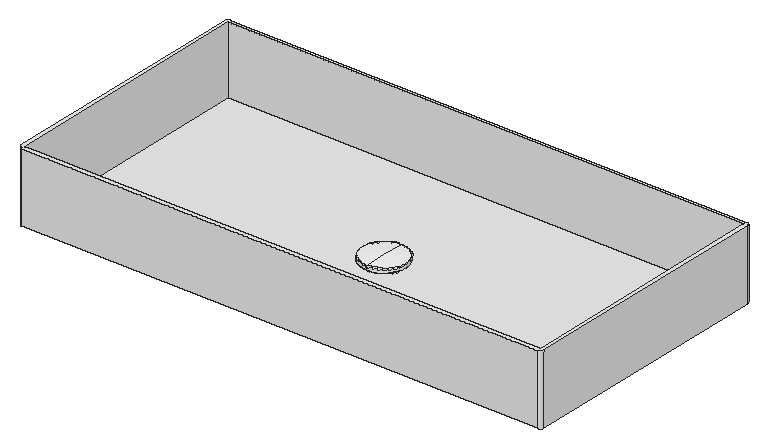
Revit family "Reece_Basin_Alape_Metaphor_Above Counter Basin", category Plumbing Fixtures, host Face, Revit 2018
Family settings
  Host = Face
  Round Connector Dimension = Use Diameter
  Part Type = Normal
  Cut with Voids When Loaded = No
  Shared = Yes
  Room Calculation Point = Yes
Parameters (values of type "750mm_White")
  WFU = 0  # constant formula
  URL = "https://www.reece.com.au/product/-9502507"
  Type Comments = "Basin"
  Reece_Product_Web Page = "https://www.reece.com.au/product/-9502507"
  Reece_Product_Type = "Basin"  # constant formula
  Reece_Product_Sub Brand = "Metaphor"  # constant formula
  Reece_Product_Number = "9502507"
  Reece_Product_Mount = "Above Counter"
  Reece_Product_Description = "Alape Metaphor Counter Basin 750mm White"
  Reece_Product_Brand = "Alape"  # constant formula
  Reece_Overall_Width = 750 mm
  Reece_Overall_Length = 375 mm
  Reece_Overall_Height = 110 mm  # constant formula
  Reece_Overall_Capacity = 26.00 L
  Reece_Material_Secondary = Reece_Brass_Chrome
  Reece_Material-Main = Reece_Acrylic_White
  Reece_Detail_Installation = "Above Counter Basin"  # constant formula
  Reece_Detail_Disclaimer = "THIS FILE IS THE PROPERTY OF THE REECE GROUP. IT MAY NOT BE REPRODUCED, REVERSE-ENGINEERED OR MODIFIED. ANY REPUBLICATION, TRANSMISSION OR DISTRIBUTION FOR THE PURPOSE OF COMMERCIALLY EXPLOITING THE FILES IS PROHIBITED."  # constant formula
  Reece_Detail_Connector = " No Taphole"  # constant formula
  Reece_Detail_Additional = " No Overflow"  # constant formula
  Reece_Basin_Supply Diameter 1 = 35 mm  # constant formula
  Reece_Basin_Outlet = 40 mm  # constant formula
  Model = "Metaphor"
  Manufacturer = "Alape"
  Keynote = "Product #9502507, Reece_Basin_Alape_Metaphor_Above Counter Basin - 750mm_White"
  HWFU = 0  # constant formula
  Disclaimer = "THIS FILE IS THE PROPERTY OF THE REECE GROUP. IT MAY NOT BE REPRODUCED, REVERSE-ENGINEERED OR MODIFIED. ANY REPUBLICATION, TRANSMISSION OR DISTRIBUTION FOR THE PURPOSE OF COMMERCIALLY EXPLOITING THE FILES IS PROHIBITED."  # constant formula
  Description = "Alape Metaphor Counter Basin 750mm White"
  Default Elevation = 1000 mm
  CWFU = 0  # constant formula
  CW Connection = yes
Types (4, lengths in mm): name | URL | Reece_Product_Web Page | Reece_Product_Number | Reece_Product_Description | Reece_Overall_Width | Reece_Overall_Capacity | Keynote | Description
  (no name) | "https://www.reece.com.au/product/-9502507" | "https://www.reece.com.au/product/-9502507" | "9502507" | "Alape Metaphor Counter Basin 750mm White" | 750 | 26.00 L | "Product #9502507, Reece_Basin_Alape_Metaphor_Above Counter Basin -  " | "Alape Metaphor Counter Basin 750mm White"
  500mm_White | "https://www.reece.com.au/product/-9502483" | "https://www.reece.com.au/product/-9502483" | "9502483" | "Alape Metaphor Counter Basin 500mm White" | 500 | 17.00 L | "Product #9502483, Reece_Basin_Alape_Metaphor_Above Counter Basin - 500mm_White" | "Alape Metaphor Counter Basin 500mm White"
  750mm_White | "https://www.reece.com.au/product/-9502507" | "https://www.reece.com.au/product/-9502507" | "9502507" | "Alape Metaphor Counter Basin 750mm White" | 750 | 26.00 L | "Product #9502507, Reece_Basin_Alape_Metaphor_Above Counter Basin - 750mm_White" | "Alape Metaphor Counter Basin 750mm White"
  1000mm_White | "https://www.reece.com.au/product/-9502688" | "https://www.reece.com.au/product/-9502688" | "9502688" | "Alape Metaphor Counter Basin 1000mm White" | 1000 | 35.00 L | "Product #9502688, Reece_Basin_Alape_Metaphor_Above Counter Basin - 1000mm_White" | "Alape Metaphor Counter Basin 1000mm White"
Reference planes
  plane 1 "Center (Front/Back)": y = -79.125
  plane 2 "Bottom": z = 0
  plane 3 "Center (Left/Right)": x = 0
  plane 4: y = 108.375
  plane 5: x = 375
  plane 6: x = -375
  plane 7: y = -266.625
  plane 8: x = 0
  plane 9: z = 110
  plane 10: z = 10.032
  plane 11 "a": z = 13.032
  plane 12: y = -89.864
  plane 13: y = -68.385
  plane 14 "b": z = 13.132
Forms (mm)
  Extrusion 1, solid, material "Reece_Acrylic_White" <- "Reece_Material-Main"
    sketch origin (137.5, 0, 0) x (1, 0, 0) y (0, 1, 0)
      loop
        line (-512.5, 103.375) -> (-512.5, -261.625)
        arc (-512.5, -261.625) -> (-511.036, -265.16) -> (-507.5, -266.625) r 5
        line (-507.5, -266.625) -> (232.5, -266.625)
        arc (232.5, -266.625) -> (236.036, -265.16) -> (237.5, -261.625) r 5
        line (237.5, -261.625) -> (237.5, 103.375)
        arc (237.5, 103.375) -> (236.036, 106.911) -> (232.5, 108.375) r 5
        line (232.5, 108.375) -> (-507.5, 108.375)
        arc (-507.5, 108.375) -> (-511.036, 106.911) -> (-512.5, 103.375) r 5
    from 10.032 to 110
  Blend 2, void
    base sketch origin (0, 0, 0) x (1, 0, 0) y (0, 1, 0)
      loop
        line (-370, 103.375) -> (-370, -261.625) -> (370, -261.625) -> (370, 103.375) -> (-370, 103.375)
    top sketch origin (0, 0, 0) x (1, 0, 0) y (0, 1, 0)
      loop
        line (-370, 103.375) -> (-370, -261.625) -> (370, -261.625) -> (370, 103.375) -> (-370, 103.375)
    from 13.032 to 110
  Revolve 3, void
    sketch origin (0, -5, 0) x (0, 1, 0) y (0, 0, 1)
      loop
        line (-74.125, 10.032) -> (-112.125, 10.032) -> (-112.125, -94.148) -> (-74.125, -94.148) -> (-74.125, 10.032)
      axis (-74.125, -94.148) -> (-74.125, 10.032)
    angle from 0 to 360
  Revolve 4, solid, material "Reece_Brass_Chrome" <- "Reece_Material_Secondary"
    sketch origin (0, -5, 11.563) x (0, 1, 0) y (0, 0, 1)
      loop
        line (-92.621, -25.737) -> (-74.125, -25.737) -> (-74.125, 10.953)
        arc (-74.125, 10.953) -> (-89.478, 10.417) -> (-104.756, 8.81) r 219.969
        arc (-104.756, 8.81) -> (-105.365, 8.48) -> (-105.607, 7.831) r 0.988
        line (-105.607, 7.831) -> (-105.607, 3.689) -> (-104.58, 3.689) -> (-104.58, 4.489) -> (-98.444, 4.489) -> (-98.444, -2.633)
        arc (-98.444, -2.633) -> (-97.732, -4.56) -> (-95.938, -5.562) r 2.965
        line (-95.938, -5.562) -> (-95.938, -6.606) -> (-92.621, -8.599) -> (-92.621, -25.737)
      axis (-74.125, 10.953) -> (-74.125, -25.737)
    angle from 0 to 360
  Extrusion 5, solid, material "Reece_Acrylic_White" <- "Reece_Material-Main"
    sketch origin (12.5, 0, -10.032) x (1, 0, 0) y (0, 1, 0)
      loop
        line (-368.513, -248.625) -> (343.461, -248.625)
        arc (343.461, -248.625) -> (344.196, -248.32) -> (344.5, -247.586) r 1.039
        line (344.5, -247.586) -> (344.5, 89.398)
        arc (344.5, 89.398) -> (344.214, 90.089) -> (343.523, 90.375) r 0.977
        line (343.523, 90.375) -> (-368.472, 90.375)
        arc (-368.472, 90.375) -> (-369.199, 90.074) -> (-369.5, 89.347) r 1.028
        line (-369.5, 89.347) -> (-369.5, -247.638)
        arc (-369.5, -247.638) -> (-369.211, -248.336) -> (-368.513, -248.625) r 0.987
    from 10.032 to 20.065
  Revolve 6, void
    sketch origin (0, -5, 9.375) x (0, 1, 0) y (0, 0, 1)
      loop
        line (-74.125, 11.841) -> (-74.125, -39) -> (-49.125, -39) -> (-49.125, 1.062) -> (-48.13, 2.057)
        arc (-48.13, 2.057) -> (-46.357, 3.241) -> (-44.266, 3.657) r 5.465
        line (-44.266, 3.657) -> (-36.625, 3.657) -> (-36.625, 11.841) -> (-74.125, 11.841)
      axis (-74.125, 11.841) -> (-74.125, -39)
    angle from 0 to 360
Cuts and joins
  Blend 2, Revolve 6 cuts Extrusion 1
  Revolve 6 cuts Extrusion 5
Text (mm)
  text "Reece Copyright © 2018, Reece Ltd." at (-1108.834, -679.227, 0), in view "Ref. Level"
  text "Reece ©" at (44.384, 258.95, 192.345), in view "Reece Preview"
Dimensions and locks
  equal spacing: plane 6, plane 3 "Center (Left/Right)", plane 5
  "Reece_Overall_Width": plane 6 to plane 5
  "Reece_Overall_Length": plane 4 to plane 7
  equal spacing: plane 4, plane 1 "Center (Front/Back)", plane 7
  "Reece_Overall_Length": plane 7 to cut or joined group of Extrusion 1, Blend 2, Revolve 6
  "Reece_Overall_Width": plane 6 to cut or joined group of Extrusion 1, Blend 2, Revolve 6
  locked: plane 6 to Blend 2 sketch curve at 5
  locked: Blend 2 sketch curve to plane 5 at 5
  locked: plane 7 to Blend 2 sketch curve at 5
  locked: plane 4 to Blend 2 sketch curve at 5
  "Reece_Overall_Height": plane 9 to plane 2 "Bottom"
  plane 11 "a" to plane 10 = 3 mm
  plane 2 "Bottom" to plane 10 = 10.032 mm
  locked: plane 6 to cut or joined group of Extrusion 5, Revolve 6 at 18
  locked: cut or joined group of Extrusion 5, Revolve 6 to plane 5 at 18
  locked: plane 4 to cut or joined group of Extrusion 5, Revolve 6 at 18
  locked: plane 7 to cut or joined group of Extrusion 5, Revolve 6 at 18
  aligned and locked: host face to plane 2 "Bottom"
  aligned and locked: host face to level
  aligned and locked: cut or joined group of Extrusion 1, Blend 2, Revolve 6 to plane 10
  aligned and locked: Blend 2 to plane 11 "a"
  aligned and locked: plane 10 to Extrusion 5
  aligned and locked: Revolve 3 sketch curve to plane 10
Automatic sketch dimensions
  Extrusion 1 sketch curve to plane 6 = 0 mm
  Extrusion 1 sketch curve to plane 4 = 0 mm
  plane 7 to Extrusion 1 sketch curve = 0 mm
  Extrusion 1 sketch curve to plane 5 = 0 mm
  Extrusion 1 sketch curve to Extrusion 1 sketch curve = 5 mm
  Extrusion 1 sketch curve to plane 6 = 5 mm
  Extrusion 1 sketch curve to plane 5 = 5 mm
  Extrusion 1 sketch curve to plane 4 = 5 mm
  Revolve 3 sketch curve to plane 1 "Center (Front/Back)" = 0 mm  (x2)
  Revolve 3 sketch curve to Revolve 3 sketch curve = 38 mm
  Revolve 3 sketch curve to level = 0.04 mm
  plane 11 "a" to Revolve 3 sketch curve = 21.927 mm
  Revolve 4 sketch curve to plane 1 "Center (Front/Back)" = 0 mm  (x2)
  Revolve 4 sketch curve to Revolve 4 sketch curve = 18.497 mm
  Revolve 4 sketch curve to plane 10 = 1.103 mm
  Revolve 4 sketch curve to Revolve 4 sketch curve = 2.858 mm
  level to Revolve 4 sketch curve = 4.956 mm
  Revolve 4 sketch curve to Revolve 4 sketch curve = 3.317 mm
  plane 11 "a" to Revolve 4 sketch curve = 3.019 mm
  Revolve 4 sketch curve to Revolve 4 sketch curve = 2.965 mm
  plane 11 "a" to Revolve 4 sketch curve = 2.219 mm
  Revolve 4 sketch curve to Revolve 4 sketch curve = 6.136 mm
  Revolve 4 sketch curve to Revolve 4 sketch curve = 0.039 mm
  Revolve 4 sketch curve to Revolve 4 sketch curve = 1.027 mm
  Revolve 4 sketch curve to Revolve 4 sketch curve = 183.279 mm
  level to Revolve 4 sketch curve = 2.964 mm
  Revolve 4 sketch curve to Revolve 4 sketch curve = 3.343 mm
  plane 11 "a" to Revolve 4 sketch curve = 9.483 mm
  Revolve 4 sketch curve to Revolve 4 sketch curve = 44.263 mm
  Revolve 4 sketch curve to Revolve 4 sketch curve = 14.047 mm
  Extrusion 5 sketch curve to plane 6 = 18 mm
  Extrusion 5 sketch curve to Extrusion 5 sketch curve = 0.987 mm
  Extrusion 5 sketch curve to Extrusion 5 sketch curve = 1.028 mm
  Extrusion 5 sketch curve to plane 5 = 19.039 mm
  Extrusion 5 sketch curve to plane 5 = 18.977 mm
  Extrusion 5 sketch curve to Extrusion 5 sketch curve = 0.977 mm
  Extrusion 5 sketch curve to plane 7 = 18 mm
  Extrusion 5 sketch curve to plane 4 = 19.028 mm
  Revolve 6 sketch curve to plane 1 "Center (Front/Back)" = 0 mm  (x2)
  Revolve 6 sketch curve to plane 11 "a" = 0 mm
  Revolve 6 sketch curve to plane 1 "Center (Front/Back)" = 25 mm
  plane 10 to Revolve 6 sketch curve = 1.399 mm
  Revolve 6 sketch curve to Revolve 6 sketch curve = 0.994 mm
  Revolve 6 sketch curve to Revolve 6 sketch curve = 7.641 mm
  plane 10 to Revolve 6 sketch curve = 0.405 mm
  plane 11 "a" to Revolve 6 sketch curve = 8.183 mm
  Revolve 6 sketch curve to Revolve 6 sketch curve = 265.8 mm
  Revolve 6 sketch curve to plane 9 = 265.808 mm
  host sketch curve to host sketch curve = 1280 mm
  host sketch curve to host sketch curve = 618.927 mm
  Revolve 3 sketch curve to level = 94.148 mm
  Revolve 4 sketch curve to level = 14.175 mm
  Revolve 6 sketch curve to level = 29.625 mm
  Blend 2 sketch curve to plane 6 = 5 mm
  Blend 2 sketch curve to plane 5 = 5 mm
  Blend 2 sketch curve to plane 7 = 5 mm
  Blend 2 sketch curve to plane 4 = 5 mm
Connectors
  piping at (0, -79.125, -14.175), diameter 40, driven by "Reece_Basin_Outlet"
    settings: on Revolve 4, index 1, connector inside diameter 609.6 mm, connector length 0 mm, flow factor 0, pipe flow 0.0 L/s, pressure drop 0.0 Pa, fitting loss kfactor 0, connector angle 0.00°, fixture units 0, engagement length 0 mm, angle of deflection 0.00°, flow configuration 0, flow direction 2, fitting loss method 0, system type 16, joint type 0, gender type 0, connector reference index -1, connector utility 0, adjustable connector no, is connector primary yes, connector description ""
